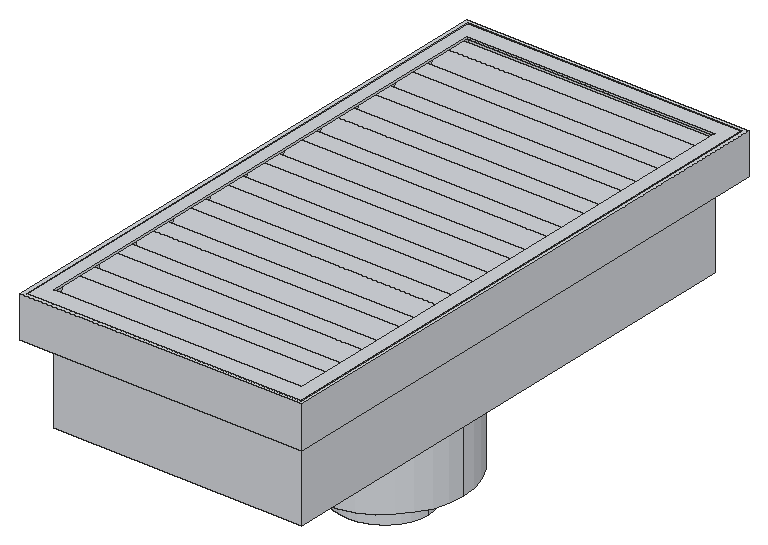
Revit family "TMVIN47-12", category Generic Models, host Face, Revit 2019
Family settings
  Host = Face
  Can host rebar = No
  Round Connector Dimension = Use Diameter
  Part Type = Normal
  Cut with Voids When Loaded = No
  Shared = No
  Room Calculation Point = No
Parameters
  Default Elevation = 48.00"
Reference planes (in)
  plane 1 "Center (Front/Back)": y = 0
  plane 2: z = 0
  plane 3 "Center (Left/Right)": x = 0
Forms (in)
  Extrusion 1, solid
    sketch origin (0, 3.7647, 6.47688) x (0, 1, 0) y (0, 0, 1)
      loop
        line (7.27959, -4.74637) -> (6.46947, -4.74637) -> (5.70542, -6.31291) -> (5.14758, -6.31291) -> (5.14758, -6.41688) -> (5.76701, -6.41688) -> (6.52959, -4.85336) -> (7.27959, -4.85336) -> (7.27959, -4.74637)
      loop
        line (5.27959, -4.74637) -> (4.46947, -4.74637) -> (3.70542, -6.31291) -> (3.14758, -6.31291) -> (3.14758, -6.41688) -> (3.76701, -6.41688) -> (4.52959, -4.85336) -> (5.27959, -4.85336) -> (5.27959, -4.74637)
      loop
        line (3.27959, -4.74637) -> (2.46947, -4.74637) -> (1.70542, -6.31291) -> (1.14758, -6.31291) -> (1.14758, -6.41688) -> (1.76701, -6.41688) -> (2.52959, -4.85336) -> (3.27959, -4.85336) -> (3.27959, -4.74637)
      loop
        line (1.27959, -4.74637) -> (0.46947, -4.74637) -> (-0.29458, -6.31291) -> (-0.85242, -6.31291) -> (-0.85242, -6.41688) -> (-0.23299, -6.41688) -> (0.52959, -4.85336) -> (1.27959, -4.85336) -> (1.27959, -4.74637)
      loop
        line (-0.72041, -4.74637) -> (-1.53053, -4.74637) -> (-2.29458, -6.31291) -> (-2.85242, -6.31291) -> (-2.85242, -6.41688) -> (-2.23299, -6.41688) -> (-1.47041, -4.85336) -> (-0.72041, -4.85336) -> (-0.72041, -4.74637)
      loop
        line (-2.72041, -4.74637) -> (-3.53053, -4.74637) -> (-4.29458, -6.31291) -> (-4.85242, -6.31291) -> (-4.85242, -6.41688) -> (-4.23299, -6.41688) -> (-3.47041, -4.85336) -> (-2.72041, -4.85336) -> (-2.72041, -4.74637)
      loop
        line (-4.72041, -4.74637) -> (-5.53053, -4.74637) -> (-6.29458, -6.31291) -> (-6.85242, -6.31291) -> (-6.85242, -6.41688) -> (-6.23299, -6.41688) -> (-5.47041, -4.85336) -> (-4.72041, -4.85336) -> (-4.72041, -4.74637)
      loop
        line (-6.72041, -4.74637) -> (-7.53053, -4.74637) -> (-8.29458, -6.31291) -> (-8.85242, -6.31291) -> (-8.85242, -6.41688) -> (-8.23299, -6.41688) -> (-7.47041, -4.85336) -> (-6.72041, -4.85336) -> (-6.72041, -4.74637)
      loop
        line (-8.72041, -4.74637) -> (-9.53053, -4.74637) -> (-10.29458, -6.31291) -> (-10.85242, -6.31291) -> (-10.85242, -6.41688) -> (-10.23299, -6.41688) -> (-9.47041, -4.85336) -> (-8.72041, -4.85336) -> (-8.72041, -4.74637)
      loop
        line (-10.72041, -4.74637) -> (-11.53053, -4.74637) -> (-12.29458, -6.31291) -> (-12.85242, -6.31291) -> (-12.85242, -6.41688) -> (-12.23299, -6.41688) -> (-11.47041, -4.85336) -> (-10.72041, -4.85336) -> (-10.72041, -4.74637)
      loop
        line (-12.72041, -4.74637) -> (-13.53053, -4.74637) -> (-14.29458, -6.31291) -> (-14.85242, -6.31291) -> (-14.85242, -6.41688) -> (-14.23299, -6.41688) -> (-13.47041, -4.85336) -> (-12.72041, -4.85336) -> (-12.72041, -4.74637)
    from -5.9375 to 5.9375
  Extrusion 2, solid
    sketch origin (20.32359, 5.8475, 0) x (1, 0, 0) y (0, 1, 0)
      loop
        line (-26.41734, 6.24625) -> (-26.41734, -17.94125) -> (-14.22984, -17.94125) -> (-14.22984, 6.24625) -> (-26.41734, 6.24625)
      loop
        line (-26.26109, 6.09) -> (-26.26109, -17.785) -> (-14.38609, -17.785) -> (-14.38609, 6.09) -> (-26.26109, 6.09)
    from 0 to 1.81
  Extrusion 3, solid
    sketch origin (0, 0, 0) x (1, 0, 0) y (0, 1, 0)
      loop
        line (-5.375, 11.1875) -> (-5.375, -11.1875) -> (5.375, -11.1875) -> (5.375, 11.1875) -> (-5.375, 11.1875)
    from 0 to -3.56
  Extrusion 4, solid
    sketch origin (0, 0, 0) x (1, 0, 0) y (0, 1, 0)
      loop
        line (-6.09375, 12.09375) -> (-6.09375, -12.09375) -> (6.09375, -12.09375) -> (6.09375, 12.09375) -> (-6.09375, 12.09375)
    from 0 to 0.06
  Extrusion 5, solid
    sketch origin (0, 0, 0) x (1, 0, 0) y (0, 1, 0)
      loop
        circle (0, 0) r 3.4375
    from -7.9975 to -3.56
  Extrusion 6, solid
    sketch origin (0, 0, 0) x (1, 0, 0) y (0, 1, 0)
      loop
        circle (0, 0) r 1.9375
    from -9.2525 to -7.9975
  Extrusion 7, solid
    sketch origin (0, 0, 0) x (1, 0, 0) y (0, 1, 0)
      loop
        line (-5.375, 11.1875) -> (-5.375, -11.1875) -> (5.375, -11.1875) -> (5.375, 11.1875) -> (-5.375, 11.1875)
      loop
        line (5.9375, -11.9375) -> (5.9375, 11.9375) -> (-5.9375, 11.9375) -> (-5.9375, -11.9375) -> (5.9375, -11.9375)
    from 1.7305 to 1.81
Cuts and joins
  joined: Extrusion 2, Extrusion 4
Lines and regions (in)
  symbolic lines
    curve 1: line (95.99374, 156.28449, 0) -> (97.99374, 156.28449, 0)
    curve 2: line (4.9375, 0, -3.56) -> (-5.0625, 0, -3.56)
Dimensions and locks (in)
  diameter of Extrusion 5 sketch curve = 6.875"
  diameter of Extrusion 6 sketch curve = 3.875"
  aligned and locked: plane 2 to host face
  aligned and locked: level to host face
Connectors (in)
  hvac at (0, 0, -9.2525)
    settings: on Extrusion 6, index 1, duct flow 0 CFM, flow factor 0, pres drop 0.00 in-wg, loss coef 0, conn angle 0.00°, conn width 12", conn height 12", conn diameter 4", duct sys type 1, conn prof type 0, flow config 0, flow direction 0, loss method 0, conn ref index -1, conn util no, is conn primary yes, conn desc ""
  hvac at (0, 0, -7.9975)
    settings: on Extrusion 5, index 2, duct flow 0 CFM, flow factor 0, pres drop 0.00 in-wg, loss coef 0, conn angle 0.00°, conn width 12", conn height 12", conn diameter 7", duct sys type 1, conn prof type 0, flow config 0, flow direction 0, loss method 0, conn ref index -1, conn util no, is conn primary no, conn desc ""
